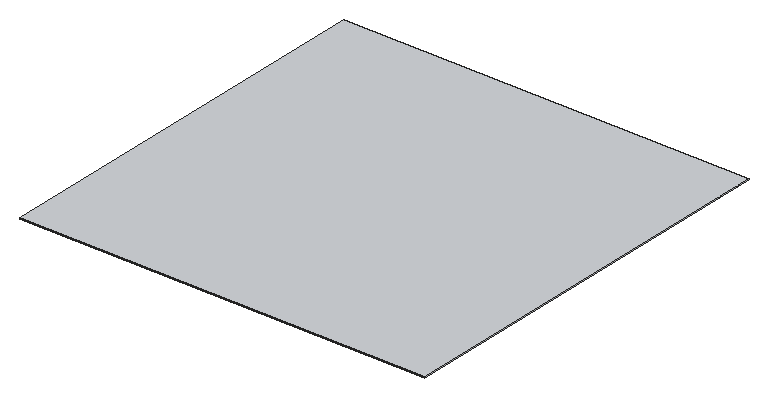
Revit family "Dachhalter Big Foot 450 Vlies", category HLS-Bauteile, Revit 2023
Family settings
  Bemaßung runder Anschluss = Durchmesser verwenden
  Klassifizierung = Keine
  Teiletyp = Normal
  Arbeitsebenenbasiert = Ja
  Immer vertikal = Nein
  Beim Laden mit Abzugskörper schneiden = Nein
  Beschriftungsausrichtung beibehalten = Nein
  Gemeinsam genutzt = Ja
  Raumberechnungspunkt = Nein
Parameters
  vpe = "1"
  Default Elevation = 1219.2 mm
  Stärke = 3.5 mm
  Regelhalter [instance] = ""
  Mengeneinheit = "St"
  Materialname = "Polyester"
  Material = "Kunststoff"
  Länge = 492 mm
  Kurztext2 = "492 x 492 x 3,5 mm Polyester"
  Kurztext1 = "Trennvlies BIG FOOT® 450"
  Gewicht pro Bauteil = Gewicht  # 0.06 kg
  Gewicht = 0.06 kg
  Farbe = "Schwarz"
  Fabrikat = "MEFA"
  EAN = "4250928455598"
  Breite = 492 mm
  Artikelnummer = "08197613"
Reference planes
  plane 1 "Mitte (Vorne/hinten)": y = 0
  plane 2: z = 0
  plane 3 "Mitte (Links/rechts)": x = 0
Forms (mm)
  Extrusion 1, solid
    sketch origin (0, 0, 0) x (0, 1, 0) y (0, 0, 1)
      loop
        line (0, 0) -> (0, 1) -> (-492, 1) -> (-492, 0) -> (0, 0)
    from 0 to 492
Dimensions and locks
  aligned and locked: level to plane 2
